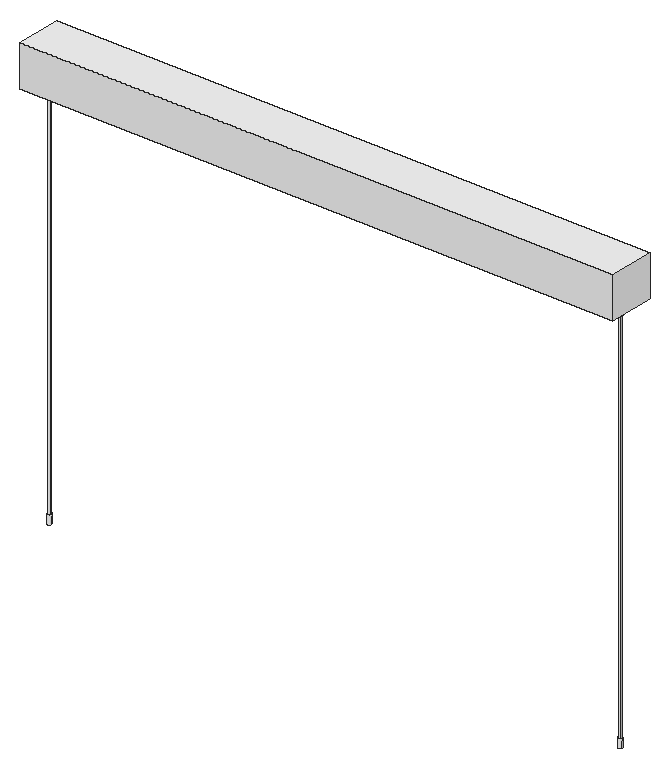
Revit family "22L-P-I", category Lighting Fixtures, host Face, Revit 2014
Parameters (values of type "22L-P-I-03")
  Wattage = 21.3 W
  Warranty = "5-Years Warranty"  # constant formula
  built-in parameter 1150110 = 1 (stored number, unit not read)
  Voltage = 120 V
  Type Comments = "Lighting Fixture"  # constant formula
  built-in parameter 1114217 = 1 (stored number, unit not read)
  Tilt Angle = -90.00°
  built-in parameter 1150109 = 1 (stored number, unit not read)
  built-in parameter 1150134 = (empty or 0)
  built-in parameter 1150113 = 1 (stored number, unit not read)
  Product Page URL = "https://www.hubbell.com/litecontrol/en/Products/Lighting-Controls/Commercial-Indoor-Lighting/Pendant-Lighting/MOD-22L-LED-Pendant-Indirect/p/3019247"
  Product Documentation Link = "https://hubbellcdn.com/specsheet/22L-P-I.pdf"
  Power Factor = 0.9
  Photometric Web File = "22L-P-I-LPA-4-SOF-X-CX-35K-I100.ies"
  Photometric Notes = "More IES files download on Photometric Link"  # constant formula
  Photometric Link = "https://www.hubbell.com/litecontrol/en/Products/Lighting-Controls/Commercial-Indoor-Lighting/Pendant-Lighting/MOD-22L-LED-Pendant-Indirect/p/3019247#prod-photometry-section"
  Pendant Height [instance] = 2' - 0"
  zz Length 1 = 3' - 0"
  Wattage Comments = "21"
  URL = "https://www.hubbell.com/litecontrol/en/"
  Mounting = "Pendant"  # constant formula
  Model = "22L-P-I"  # constant formula
  Manufacturer = "Litecontrol Lighting"  # constant formula
  built-in parameter 1150105 = 240.69 (stored number, unit not read)
  Lumens = 3024.6 lm
  built-in parameter 1150115 = 1 (stored number, unit not read)
  Load Classification = Lighting
  built-in parameter 1150137 = (empty or 0)
  built-in parameter 1150139 = (empty or 0)
  built-in parameter 1150112 = 1 (stored number, unit not read)
  built-in parameter 1150114 = 1 (stored number, unit not read)
  Lamp = "LED"  # constant formula
  built-in parameter 1150132 = (empty or 0)
  built-in parameter 1150102 = (empty or 0)
  built-in parameter 1150107 = 3500 (stored number, unit not read)
  built-in parameter 1150138 = (empty or 0)
  built-in parameter 1150106 = 2.4069 (stored number, unit not read)
  Glass = Glass - Hubbell - White
  Fixture Distribution = "Indirect"  # constant formula
  Features = "Variable Intensity technology provides specifiable lumen output/wattage\r\n100% indirect distribution\r\n2 SDCM color variation"  # constant formula
  Emit from Rectangle Width = zz Length 1 - 0' 2"  # 2' - 10"
  Emit from Rectangle Length = 0' - 2"  # constant formula
  Emit Shape Visible in Rendering = no
  built-in parameter 1150104 = 13.192 (stored number, unit not read)
  Dimming Lamp Color Temperature Shift = <None>
  Description = "22L Pendant Indirect (22L-P-I) is a small-scale extruded aluminum fixture. Its small housing provides a clean, minimalist look in both small and large areas."  # constant formula
  Default Elevation = 4' - 0"
  Copyright = "Copyright © 2020 Litecontrol"  # constant formula
  Contact Us = "https://www.hubbell.com/litecontrol/en/contactUs"
  Color Filter = 16777215
  built-in parameter 1114218 = 1 (stored number, unit not read)
  Housing Material = Paint - Hubbell - Matte White
  built-in parameter 1150133 = 10 (stored number, unit not read)
  Assembly Code = "D5020200"
  Apparent Load = 21 VA
Types (5): name | Wattage | Power Factor | zz Length 1 | Wattage Comments | built-in parameter 1150105 | Lumens | built-in parameter 1150106 | Emit from Rectangle Width | Apparent Load
  (no name) | 21.3 W | 0.9 | 3' - 0" | "21" | 240.69 (stored number, unit not read) | 3024.6 lm | 2.4069 (stored number, unit not read) | 2' - 10" | 21 VA
  22L-P-I-04 | 28.4 W | 1 | 4' - 0" | "28.4" | 320.92 (stored number, unit not read) | 4032.8 lm | 3.2092 (stored number, unit not read) | 3' - 10" | 28.4 VA
  22L-P-I-03 | 21.3 W | 0.9 | 3' - 0" | "21" | 240.69 (stored number, unit not read) | 3024.6 lm | 2.4069 (stored number, unit not read) | 2' - 10" | 21 VA
  22L-P-I-06 | 42.6 W | 1 | 6' - 0" | "42.6" | 481.38 (stored number, unit not read) | 6049.2 lm | 4.8138 (stored number, unit not read) | 5' - 10" | 42.6 VA
  22L-P-I-08 | 56.8 W | 1 | 8' - 0" | "56.8 W" | 641.84 (stored number, unit not read) | 8065.6 lm | 6.4184 (stored number, unit not read) | 7' - 10" | 56.8 VA
Reference planes (in)
  plane 1 "Center (Front/Back)": y = 13.01342
  plane 2: z = 0
  plane 3 "Center (Left/Right)": x = 0
  plane 4: z = 24
  plane 5: x = -18
  plane 6: x = 18
  plane 7: x = -17.3125
  plane 8: x = 17.3125
  plane 9: z = 0.5
  plane 10: z = 24.5
Forms (in)
  Revolve 1, solid, material "Paint - Hubbell - Matte White" <- "Housing Material"
    sketch origin (-5.75, 13.01342, 0) x (-1, 0, 0) y (0, 0, 1)
      loop
        line (-23.0625, 24) -> (-23.0625, 0) -> (-22.9375, 0) -> (-22.9375, 0.5) -> (-23, 0.5) -> (-23, 23.5) -> (-22.9375, 23.5) -> (-22.9375, 24) -> (-23.0625, 24)
      axis (-23.0625, 24) -> (-23.0625, 0)
    angle from 0 to 360
  Revolve 2, solid, material "Paint - Hubbell - Matte White" <- "Housing Material"
    sketch origin (5.75, 13.01342, 0) x (1, 0, 0) y (0, 0, 1)
      loop
        line (-23.0625, 24) -> (-23.0625, 0) -> (-22.9375, 0) -> (-22.9375, 0.5) -> (-23, 0.5) -> (-23, 23.5) -> (-22.9375, 23.5) -> (-22.9375, 24) -> (-23.0625, 24)
      axis (-23.0625, 24) -> (-23.0625, 0)
    angle from 0 to 360
Dimensions and locks (in)
  "Pendant Height": plane 4 to level
  equal spacing: plane 6, plane 3 "Center (Left/Right)", plane 5
  "zz Length 1": plane 6 to plane 5
  locked: plane 9 to plane 2 at 0.5
  locked: plane 7 to plane 5 at 0.6875
  locked: plane 6 to plane 8 at 0.6875
  plane 10 to plane 4 = 0' - 0 1/2"
  aligned and locked: plane 2 to host face
  aligned and locked: level to host face
  aligned and locked: Revolve 1 sketch curve to Revolve 1 sketch curve
  aligned and locked: Revolve 1 sketch curve to plane 8
  aligned and locked: plane 4 to Revolve 1 sketch curve
  aligned and locked: Revolve 1 sketch curve to level
  aligned and locked: plane 3 "Center (Left/Right)" to nested 1
  aligned and locked: plane 1 "Center (Front/Back)" to nested 1
  aligned and locked: Revolve 2 sketch curve to Revolve 2 sketch curve
  aligned and locked: plane 9 to Revolve 2
  aligned and locked: Revolve 1 to plane 9
  aligned and locked: plane 10 to imposter light
  aligned and locked: plane 3 "Center (Left/Right)" to imposter light
Automatic sketch dimensions
  host sketch curve to host sketch curve = 8' - 0"  (x2)
  Revolve 1 sketch curve to plane 9 = 0' - 0"
  plane 8 to Revolve 1 sketch curve = 0' - 0 1/16"
  plane 8 to Revolve 1 sketch curve = 0' - 0 1/8"
  Revolve 1 sketch curve to Revolve 1 sketch curve = 0' - 0 1/16"
  Revolve 1 sketch curve to plane 9 = 0' - 0.66777"
  Revolve 1 sketch curve to Revolve 1 sketch curve = 0' - 9.83778"
  Revolve 2 sketch curve to plane 7 = 0' - 0"
  plane 9 to Revolve 2 sketch curve = 0' - 0"
  Revolve 2 sketch curve to level = 0' - 0"
  Revolve 2 sketch curve to plane 4 = 0' - 0"
  plane 7 to Revolve 2 sketch curve = 0' - 0 1/16"
  plane 7 to Revolve 2 sketch curve = 0' - 0 1/8"
  Revolve 2 sketch curve to Revolve 2 sketch curve = 0' - 0 1/16"
  plane 9 to Revolve 2 sketch curve = 0' - 0.66777"
  Revolve 2 sketch curve to Revolve 2 sketch curve = 0' - 9.83778"
  plane 4 to Revolve 1 sketch curve = 0' - 0 1/2"
  Revolve 2 sketch curve to plane 4 = 0' - 0 1/2"
Nested families (in)
  nested 1: "22-P" at (-0.01104, 12.97343, 24), Glass <- "Glass", Backbox <- "Housing Material", Length <- "zz Length 1", type "22-P"
    with Length 3' - 0", Glass Glass - Hubbell - White, Backbox Paint - Hubbell - Matte White
Connectors (in)
  electrical at (0, 13.01342, 24), driven by "Load Classification", driven by "Voltage", driven by "Apparent Load", driven by "Power Factor"
    settings: on nested 1, index 1, voltage 120 V, apparent load 21 VA, apparent load phase1 0 VA, apparent load phase2 0 VA, apparent load phase3 0 VA, power factor 0.9, load classification "Lighting", number of poles 1, system type 30, power factor state 1, is connector primary yes, connector utility no, sub classification motor no, connector description "Electrical Connector"
Definition of nested family "22-P"
  Parameters (values of type "22-P")
    Wattage Comments = ""
    URL = ""
    Model = ""
    Manufacturer = ""
    Length [instance] = 4' - 0"
    Lamp = ""
    Glass [instance] = none
    Description = ""
    Default Elevation = 4' - 0"
    Backbox [instance] = none
    Apparent Load = 0 VA
  Reference planes (in)
    plane 1 "Center (Front/Back)": y = 0.03999
    plane 2: z = 0
    plane 3 "Center (Left/Right)": x = 0.01104
    plane 4: z = 2.5
    plane 5: z = 1
    plane 6: x = -23.98896
    plane 7: x = 24.01104
    plane 8: x = -22.98896
    plane 9: x = 23.01104
    plane 10: y = 1.28999
    plane 11: y = -1.21001
    plane 12: y = -1.33501
    plane 13: y = 1.41499
    plane 14: z = 0.125
  Forms (in)
    Extrusion 1, solid
      sketch origin (0, 0, 0.06357) x (1, 0, 0) y (0, 1, 0)
        loop
          line (-48, 48) -> (-48, -48) -> (48, -48) -> (48, 48) -> (-48, 48)
      from -0.06357 to -12.81105
    Extrusion 2, void
      sketch origin (-23.78896, 8.13374, 2) x (0, -1, 0) y (1, 0, 0)
        loop
          line (6.84375, 0.8) -> (9.34375, 0.8) -> (9.34375, 46.8) -> (6.84375, 46.8) -> (6.84375, 0.8)
      from -1 to -2
    Extrusion 3, solid, material <- "Backbox"
      sketch origin (0.01104, 0, 0) x (0, 1, 0) y (0, 0, 1)
        loop
          line (1.41499, 2.5) -> (-1.33501, 2.5) -> (-1.33501, 0) -> (1.41499, 0) -> (1.41499, 2.5)
      from -24 to 24
    Extrusion 4, solid, material <- "Glass"
      sketch origin (0, 0, 4.3125) x (0, -1, 0) y (1, 0, 0)
        loop
          line (-1.28999, -22.98896) -> (1.21001, -22.98896) -> (1.21001, 23.01104) -> (-1.28999, 23.01104) -> (-1.28999, -22.98896)
      from -4.3125 to -4.1875
  Cuts and joins
    Extrusion 2 cuts Extrusion 3
  Dimensions and locks (in)
    "Length": plane 7 to plane 6
    locked: plane 8 to plane 6 at 1
    locked: plane 7 to plane 9 at 1
    equal spacing: plane 7, plane 3 "Center (Left/Right)", plane 6
    plane 10 to plane 11 = 0' - 2 1/2"
    equal spacing: plane 10, plane 1 "Center (Front/Back)", plane 11
    plane 12 to plane 13 = 0' - 2 3/4"
    plane 12 to plane 1 "Center (Front/Back)" = 0' - 1 3/8"
    equal spacing: plane 13, plane 1 "Center (Front/Back)", plane 12
    plane 4 to plane 2 = 0' - 2 1/2"
    plane 14 to plane 2 = 0' - 0 1/8"
    locked: plane 5 to plane 2 at 1
    aligned and locked: plane 2 to Extrusion 1
    aligned and locked: plane 10 to Extrusion 2 sketch curve
    aligned and locked: plane 11 to Extrusion 2 sketch curve
    aligned and locked: plane 4 to Extrusion 3 sketch curve
    aligned and locked: plane 13 to Extrusion 3 sketch curve
    aligned and locked: Extrusion 3 sketch curve to level
    aligned and locked: plane 12 to Extrusion 3 sketch curve
    aligned and locked: Extrusion 3 to plane 6
    aligned and locked: plane 7 to Extrusion 3
    aligned and locked: plane 9 to Extrusion 2
    aligned and locked: Extrusion 2 to plane 8
    aligned and locked: cut or joined group of Extrusion 2, Extrusion 3 to plane 2
    aligned and locked: Extrusion 4 to plane 2
    aligned and locked: plane 14 to Extrusion 4
    aligned and locked: plane 5 to cut or joined group of Extrusion 2, Extrusion 3
  Automatic sketch dimensions
    Extrusion 1 sketch curve to Extrusion 1 sketch curve = 8' - 0"  (x2)
    Extrusion 2 sketch curve to plane 8 = 0' - 0"
    Extrusion 2 sketch curve to plane 9 = 0' - 0"
    Extrusion 4 sketch curve to plane 9 = 0' - 0"
    plane 10 to Extrusion 4 sketch curve = 0' - 0"
    Extrusion 4 sketch curve to plane 8 = 0' - 0"
    Extrusion 4 sketch curve to plane 11 = 0' - 0"
